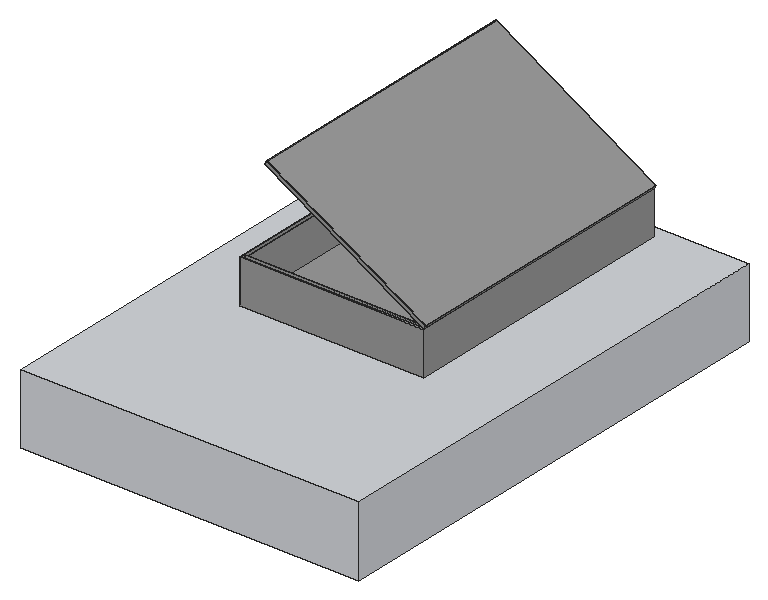
Revit family "Hager-Univers-IP44-D205-H1250-Cl.I-encl-PL-pl", category Equipement électrique, Revit 2020
Family settings
  Hôte = Face
  Configuration du panneau = Deux colonnes, circuits au sein
  Cote de connecteur circulaire = Utiliser le diamètre
  Type d'élément = Tableau de raccordement
  Couper avec des vides une fois chargée = Non
  Partagée = Non
  Point de calcul de pièce = Non
Parameters (values of type "Montaż natynkowy IP44 S800 W1250 G205  - FP83TN2")
  Width Control [instance] = if([EF000008 - Szerokość] > Min Width, [EF000008 - Szerokość], Min Width)  # 800 mm
  Commentaires du type = [HG000003 - Zakres]  # "Univers"
  Thickness Door [instance] = if([EF009171 - Drzwi/pokrywa z materiału o wysokiej wytrzymałości mechanicznej] > 3 mm, 3 mm, [EF009171 - Drzwi/pokrywa z materiału o wysokiej wytrzymałości mechanicznej])  # 1 mm
  Seal Frame Offset [instance] = 17 mm  # constant formula
  Plinth Visibility [instance] = [HG000027 - Wysokość cokołu] > 0 mm  # no
  Model = ""
  Min Width [instance] = 100 mm  # constant formula
  Min Height [instance] = 100 mm  # constant formula
  Min Depth [instance] = (2 * [EF009170 - Obudowa z materiału o wysokiej wytrzymałości mechanicznej]) + 1 mm  # 3 mm
  Internal Frame Depth [instance] = (Door System Depth * 0.5)  # 9 mm
  Height Control [instance] = if([EF000040 - Wysokość] > Min Height, [EF000040 - Wysokość], Min Height)  # 1250 mm
  HG000027 - Wysokość cokołu = 0 mm
  HG000026 - Stojąca = no
  HG000024 - Wysokość części dolnej = 800 mm
  HG000023 - Obudowa dwusekcyjna = no
  HG000016 - Widoczność drzwi w widoku 3D [instance] = yes
  HG000015 - Przestrzeń robocza - otwarcie drzwi [instance] = no
  HG000014 - Drzwi prawe [instance] = yes
  HG000013 - Drzwi lewe [instance] = not([HG000014 - Drzwi prawe])  # no
  HG000012 - Kąt otwarcia drzwi [instance] = 30.00°
  HG000010 - Drzwi asymetryczne = no
  HG000009 - Drzwi dwuskrzydłowe = no
  HG000006 - Montaż podtynkowy = no
  HG000004 - Referencja producenta = "FP83TN2"
  HG000003 - Zakres = "Univers"
  HG000002 - Z drzwiami lub pokrywą = yes
  Frame Offset Bottom [instance] = 10 mm  # constant formula
  Frame Offset [instance] = 15 mm  # constant formula
  EF015940 - Pokrywa z wyzwalaczem nadciśnieniowym = no
  EF011959 - Stopień ochrony (NEMA) = ""
  EF009554 - Liczba otworów pod flansze = 6
  Fabricant = "Hager"  # constant formula
  EF009212 - Wykonanie pokrywy = "EV000116 - Zamknięty"
  EF009171 - Drzwi/pokrywa z materiału o wysokiej wytrzymałości mechanicznej = 1 mm
  EF009170 - Obudowa z materiału o wysokiej wytrzymałości mechanicznej = 1 mm
  EF008873 - Prąd znamionowy (In) = 250 A
  EF007800 - Do ochrony odgromowej = no
  EF006306 - Z zamkiem = no
  EF006244 - Transparentna pokrywa/drzwi = no
  EF005474 - Stopień ochrony (IP) = "EV006418 - IP44"
  EF004464 - Rodzaj drzwi = "EV002646 - Pojedynczy"
  EF004427 - Liczba modułów = 288
  EF004293 - Odporność udarowa = "EV006815 - IK09"
  EF003532 - Do zastosowań zewnętrznych = no
  EF002950 - Szerokość wyrażona liczbą modułów = 36
  EF001613 - Podtrzymanie funkcji = "EV000494 - Brak"
  EF001596 - Materiał obudowy = "EV000179 - Stal"
  EF001131 - Głębokość wewnętrzna = 130 mm
  EF001088 - Możliwość rozbudowy = yes
  EF000437 - Liczba wejść kablowych = 6
  EF000339 - Rodzaj pokrywy = "EV001012 - Pokrywa"
  EF000266 - Liczba rzędów = 8
  EF000218 - Głębokość wbudowania = 205 mm
  EF000118 - Z płytą montażową = no
  EF000116 - Numer RAL = "9010"
  EF000049 - Głębokość = 205 mm
  EF000040 - Wysokość = 1250 mm
  EF000008 - Szerokość = 800 mm
  EF000007 - Kolor = "EV000202 - Biały"
  EF000003 - Sposób montażu = "EV000384 - Montaż natynkowy"
  Door System Leaf Tolerance [instance] = 1.5 mm  # constant formula
  Door System Depth [instance] = 18 mm  # constant formula
  Door Height [instance] = Height Control - [HG000027 - Wysokość cokołu]  # 1250 mm
  Depth Control [instance] = if([EF000049 - Głębokość] > Min Depth, [EF000049 - Głębokość], Min Depth)  # 205 mm
  Default Elevation = 0 mm
  Connector Offset [instance] = Height Control / 2  # 625 mm
  Bottom Top Plate Trim [instance] = 1.5 mm  # constant formula
  Plinth height Ctrl [instance] = if([HG000027 - Wysokość cokołu] > 0 mm, [HG000027 - Wysokość cokołu], 12 mm)  # 12 mm
Types (5, lengths in mm): name | Width Control | HG000010 - Drzwi asymetryczne | HG000009 - Drzwi dwuskrzydłowe | HG000004 - Referencja producenta | EF009554 - Liczba otworów pod flansze | EF004464 - Rodzaj drzwi | EF004427 - Liczba modułów | EF002950 - Szerokość wyrażona liczbą modułów | EF000437 - Liczba wejść kablowych | EF000008 - Szerokość
  Montaż natynkowy IP44 S1050 W1250 G205  - FP84TN2 | 1050 | no | yes | "FP84TN2" | 8 | "EV003602 - Podwójny" | 384 | 48 | 8 | 1050
  Montaż natynkowy IP44 S1300 W1250 G205  - FP85TN2 | 1300 | yes | yes | "FP85TN2" | 10 | "EV003602 - Podwójny" | 480 | 60 | 10 | 1300
  Montaż natynkowy IP44 S300 W1250 G205  - FP81TN2 | 300 | no | no | "FP81TN2" | 2 | "EV002646 - Pojedynczy" | 96 | 12 | 2 | 300
  Montaż natynkowy IP44 S550 W1250 G205  - FP82TN2 | 550 | no | no | "FP82TN2" | 4 | "EV002646 - Pojedynczy" | 192 | 24 | 4 | 550
  Montaż natynkowy IP44 S800 W1250 G205  - FP83TN2 | 800 | no | no | "FP83TN2" | 6 | "EV002646 - Pojedynczy" | 288 | 36 | 6 | 800
Reference planes
  plane 1 "Center (Front/Back)": y = 0
  plane 2: z = 0
  plane 3 "Center (Left/Right)": x = 0
  plane 4: z = 205
  plane 5: y = 1
  plane 6: y = 625
  plane 7: y = 0
  plane 8: y = 1250
  plane 9: z = 0
  plane 10: x = -385
  plane 11: x = 385
  plane 12: x = 384
  plane 13: x = -384
  plane 14: y = 1249
  plane 15: x = -383
  plane 16: x = -400
  plane 17: x = 383
  plane 18: x = 400
  plane 19: x = 399
  plane 20: x = -399
  plane 21: y = 11
  plane 22: y = 1250
  plane 23: y = 1234
  plane 24: z = 187
  plane 25: z = 1
  plane 26: z = 186
  plane 27: z = 204
Forms (mm)
  Extrusion 1, solid
    sketch origin (0, 0, 0) x (1, 0, 0) y (0, 1, 0)
      loop
        line (-702.964, 1305) -> (-702.964, -811.445) -> (766.763, -811.445) -> (766.763, 1305) -> (-702.964, 1305)
    from 0 to -304.8
  Extrusion 2, solid, material "Hager_Steel_RAL7035_Light_Grey", visible <- "Plinth Visibility", detail levels medium+fine
    sketch origin (0, 0, 0) x (1, 0, 0) y (0, 1, 0)
      loop
        line (-400, 0) -> (400, 0) -> (400, 12) -> (-400, 12) -> (-400, 0)
    from 0 to 187
  Extrusion 3, solid, material "Hager_Steel_RAL7035_Light_Grey", detail levels medium+fine
    sketch origin (0, 0, 0) x (1, 0, 0) y (0, 1, 0)
      loop
        line (-400, 0) -> (400, 0) -> (400, 1250) -> (-400, 1250) -> (-400, 0)
    from 0 to 187
  Extrusion 4, void
    sketch origin (0, 0, 0) x (1, 0, 0) y (0, 1, 0)
      loop
        line (-399, 1) -> (399, 1) -> (399, 1249) -> (-399, 1249) -> (-399, 1)
    from 1 to 186
  Extrusion 5, void
    sketch origin (-381.607, -4572, 187) x (0, -1, 0) y (-1, 0, 0)
      loop
        line (-4583, 2.393) -> (-5806, 2.393) -> (-5806, -765.607) -> (-4583, -765.607) -> (-4583, 2.393)
    from 0 to 1 <- "EF009170 - Obudowa z materiału o wysokiej wytrzymałości mechanicznej"
  Extrusion 6, solid, material "Hager_Steel_RAL7035_Light_Grey", detail levels fine
    sketch origin (0, 0, 187) x (1, 0, 0) y (0, 1, 0)
      loop
        line (-384, 1234) -> (-384, 11) -> (384, 11) -> (384, 1234) -> (-384, 1234)
      loop
        line (-385, 10) -> (385, 10) -> (385, 1235) -> (-385, 1235) -> (-385, 10)
    from 0 to 9 <- "Internal Frame Depth"
  Extrusion 7, solid, material "Hager_Steel_RAL7035_Light_Grey", detail levels coarse
    sketch origin (0, 0, 0) x (1, 0, 0) y (0, 1, 0)
      loop
        line (-400, 0) -> (400, 0) -> (400, 1250) -> (-400, 1250) -> (-400, 0)
    from 0 to 205
  Sweep 8, void
    path in 3D
      loop
        line (-400, 12, 0) -> (400, 12, 0) -> (400, 12, 187) -> (-400, 12, 187) -> (-400, 12, 0)
    profile origin (-400, 12, 93.5) x (-1, 0, 0) y (0, -1, 0)
      loop
        line (0, 0) -> (0, 1.5) -> (-1.5, 1.5)
        arc (-1.5, 1.5) -> (-1.061, 0.439) -> (0, 0) r 1.5
Cuts and joins
  Extrusion 4, Extrusion 5 cuts Extrusion 3
  Sweep 8 cuts Extrusion 2
Lines and regions (mm)
  Masking region 1
    outline origin (0, 0, 0) x (1, 0, 0) y (0, 0, 1)
      loop
        line (-400, 205) -> (-400, 0) -> (400, 0) -> (400, 205) -> (-400, 205)
  Masking region 2, detail levels medium+fine
    outline origin (0, 140, 0) x (0, 1, 0) y (0, 0, 1)
      loop
        line (-140, 0) -> (1110, 0) -> (1110, 187) -> (-140, 187) -> (-140, 0)
  Masking region 3, not visible, detail levels medium+fine
    outline origin (0, 297.922, 0) x (0, 1, 0) y (0, 0, 1)
      loop
        line (338.578, 0) -> (378.578, 0) -> (378.578, 194)
        arc (378.578, 194) -> (375.649, 201.071) -> (368.578, 204) r 10
        line (368.578, 204) -> (338.578, 204) -> (338.578, 0)
  Masking region 4, detail levels coarse
    outline origin (0, 0, 180) x (0, 1, 0) y (0, 0, 1)
      loop
        line (0, -180) -> (1250, -180) -> (1250, 25) -> (0, 25) -> (0, -180)
  Masking region 5, visible <- "Plinth Visibility", detail levels medium+fine
    outline origin (0, 52.24, 12.345) x (0, 0, -1) y (0, 1, 0)
      loop
        line (10.845, -40.24) -> (-173.155, -40.24)
        arc (-173.155, -40.24) -> (-173.594, -41.301) -> (-174.655, -41.74) r 1.5
        line (-174.655, -41.74) -> (-174.655, -52.24) -> (12.345, -52.24) -> (12.345, -41.74)
        arc (12.345, -41.74) -> (11.285, -41.301) -> (10.845, -40.24) r 1.5
  Masking region 6, detail levels medium+fine
    outline origin (-381.607, -4572, 187) x (-1, 0, 0) y (0, -1, 0)
      loop
        line (18.393, -5822) -> (18.393, -4572) -> (-781.607, -4572) -> (-781.607, -5822) -> (18.393, -5822)
  Masking region 7, visible <- "Plinth Visibility", detail levels medium+fine
    outline origin (-381.607, -4727, 187) x (-1, 0, 0) y (0, -1, 0)
      loop
        arc (16.893, -4739) -> (17.332, -4737.939) -> (18.393, -4737.5) r 1.5
        line (18.393, -4737.5) -> (18.393, -4727) -> (-781.607, -4727) -> (-781.607, -4737.5)
        arc (-781.607, -4737.5) -> (-780.546, -4737.939) -> (-780.107, -4739) r 1.5
        line (-780.107, -4739) -> (16.893, -4739)
  Masking region 8, detail levels coarse
    outline origin (-442.548, -4669.526, 187) x (-1, 0, 0) y (0, -1, 0)
      loop
        line (-42.548, -5919.526) -> (-42.548, -4669.526) -> (-842.548, -4669.526) -> (-842.548, -5919.526) -> (-42.548, -5919.526)
  sketch lines
    curve 1: line (-400, 12, 187) -> (-400, 12, 0)
    curve 2: line (400, 12, 187) -> (-400, 12, 187)
    curve 3: line (400, 12, 187) -> (400, 12, 0)
    curve 4: line (-400, 12, 0) -> (400, 12, 0)
Dimensions and locks
  "Depth Control": plane 4 to Extrusion 1
  "HG000027 - Wysokość cokołu": plane 1 "Center (Front/Back)" to plane 7
  "EF009170 - Obudowa z materiału o wysokiej wytrzymałości mechanicznej": plane 5 to plane 7
  locked: connector elem to plane 3 "Center (Left/Right)"
  equal spacing: plane 8, plane 6, plane 7
  locked: connector elem to plane 6
  "EF009170 - Obudowa z materiału o wysokiej wytrzymałości mechanicznej": plane 8 to plane 14
  "EF009170 - Obudowa z materiału o wysokiej wytrzymałości mechanicznej": plane 10 to plane 13
  "EF009170 - Obudowa z materiału o wysokiej wytrzymałości mechanicznej": plane 12 to plane 11
  "Frame Offset": plane 20 to plane 13
  "Frame Offset": plane 12 to plane 19
  "EF009170 - Obudowa z materiału o wysokiej wytrzymałości mechanicznej": plane 16 to plane 20
  "EF009170 - Obudowa z materiału o wysokiej wytrzymałości mechanicznej": plane 19 to plane 18
  "Seal Frame Offset": plane 16 to plane 15
  "Seal Frame Offset": plane 17 to plane 18
  "Frame Offset Bottom": plane 21 to plane 5
  "Frame Offset": plane 14 to plane 23
  equal spacing: plane 16, plane 3 "Center (Left/Right)", plane 18
  "Width Control": plane 16 to plane 18
  "EF009170 - Obudowa z materiału o wysokiej wytrzymałości mechanicznej": plane 4 to plane 27
  "EF009170 - Obudowa z materiału o wysokiej wytrzymałości mechanicznej": plane 24 to plane 26
  "EF009170 - Obudowa z materiału o wysokiej wytrzymałości mechanicznej": plane 25 to level
  "Door System Depth": plane 4 to plane 24
  "Height Control": plane 1 "Center (Front/Back)" to Extrusion 7 sketch curve
  "Height Control": Masking region 4 sketch curve to plane 1 "Center (Front/Back)"
  "Height Control": plane 1 "Center (Front/Back)" to plane 22
  "Bottom Top Plate Trim": profile plane to Sweep 8 sketch curve
  "Bottom Top Plate Trim": Sweep 8 sketch curve to profile plane
  "Plinth height Ctrl": plane 1 "Center (Front/Back)" to Extrusion 2 sketch curve
  "Plinth height Ctrl": Masking region 5 sketch curve to plane 1 "Center (Front/Back)"
  "Plinth height Ctrl": plane 1 "Center (Front/Back)" to Masking region 7 sketch curve
  "Thickness Door": Extrusion 6 sketch curve to Extrusion 6 sketch curve  (x3)
  "Thickness Door": cut or joined group of Extrusion 3, Extrusion 4, Extrusion 5 to Extrusion 6 sketch curve
  radius of Masking region 3 sketch curve = 10 mm
  "Bottom Top Plate Trim": radius of Masking region 5 sketch curve  (x2)
  "Bottom Top Plate Trim": radius of Sweep 8 sketch curve
  "Bottom Top Plate Trim": radius of Masking region 7 sketch curve  (x2)
  aligned and locked: plane 2 to Extrusion 1
  aligned and locked: level to Extrusion 1
  aligned and locked: level to Masking region 1 sketch curve
  aligned and locked: Masking region 1 sketch curve to plane 18
  aligned and locked: Masking region 1 sketch curve to plane 16
  aligned and locked: plane 7 to Masking region 2 sketch curve
  aligned and locked: level to Masking region 3 sketch curve
  aligned and locked: Masking region 3 sketch curve to plane 27
  aligned and locked: level to Masking region 2 sketch curve
  aligned and locked: plane 1 "Center (Front/Back)" to Extrusion 2 sketch curve
  aligned and locked: Extrusion 3 sketch curve to plane 7
  aligned and locked: plane 16 to Extrusion 3 sketch curve
  aligned and locked: plane 18 to Extrusion 3 sketch curve
  aligned and locked: plane 20 to Extrusion 4 sketch curve
  aligned and locked: plane 19 to Extrusion 4 sketch curve
  aligned and locked: Extrusion 4 sketch curve to plane 5
  aligned and locked: Extrusion 4 to plane 25
  aligned and locked: plane 26 to Extrusion 4
  aligned and locked: plane 24 to Extrusion 3
  aligned and locked: Extrusion 5 sketch curve to plane 21
  aligned and locked: Extrusion 5 sketch curve to plane 13
  aligned and locked: Extrusion 5 sketch curve to plane 12
  aligned and locked: plane 18 to Extrusion 7 sketch curve
  aligned and locked: plane 1 "Center (Front/Back)" to Extrusion 7 sketch curve
  aligned and locked: plane 16 to Extrusion 7 sketch curve
  aligned and locked: plane 4 to Extrusion 7
  aligned and locked: Extrusion 7 to level
  aligned and locked: level to Masking region 4 sketch curve
  aligned and locked: Masking region 4 sketch curve to plane 1 "Center (Front/Back)"
  aligned and locked: Masking region 4 sketch curve to plane 4
  aligned and locked: nested 1 to level
  aligned and locked: nested 1 to plane 16
  aligned and locked: plane 8 to Extrusion 3 sketch curve
  aligned and locked: plane 23 to Extrusion 5 sketch curve
  aligned and locked: plane 14 to Extrusion 4 sketch curve
  aligned and locked: Masking region 2 sketch curve to plane 8
  aligned and locked: level to Masking region 5 sketch curve
  aligned and locked: plane 16 to Extrusion 2 sketch curve
  aligned and locked: plane 18 to Extrusion 2 sketch curve
  aligned and locked: Masking region 5 sketch curve to plane 24
  aligned and locked: Masking region 2 sketch curve to plane 24
  aligned and locked: plane 24 to Extrusion 2
  aligned and locked: profile plane to Sweep 8 sketch curve  (x2)
  aligned and locked: Masking region 6 sketch curve to plane 18
  aligned and locked: Masking region 6 sketch curve to plane 22
  aligned and locked: Masking region 6 sketch curve to plane 16
  aligned and locked: plane 8 to plane 22
  aligned and locked: Masking region 6 sketch curve to plane 7
  aligned and locked: Masking region 7 sketch curve to plane 16
  aligned and locked: Masking region 7 sketch curve to plane 1 "Center (Front/Back)"
  aligned and locked: Masking region 7 sketch curve to plane 18
  aligned and locked: Masking region 8 sketch curve to plane 1 "Center (Front/Back)"
  aligned and locked: Masking region 8 sketch curve to plane 18
  aligned and locked: Masking region 8 sketch curve to plane 22
  aligned and locked: Masking region 8 sketch curve to plane 16
  aligned and locked: nested 2 to plane 7
  aligned and locked: plane 3 "Center (Left/Right)" to nested 2
  aligned and locked: nested 2 to plane 24
  aligned and locked: Extrusion 6 sketch curve to cut or joined group of Extrusion 3, Extrusion 4, Extrusion 5  (x4)
Automatic sketch dimensions
  Extrusion 1 sketch curve to Extrusion 1 sketch curve = 1469.727 mm
  Extrusion 1 sketch curve to Extrusion 1 sketch curve = 2116.445 mm
  Masking region 1 sketch curve to plane 4 = 0 mm
  plane 6 to Masking region 3 sketch curve = 11.5 mm
  Masking region 3 sketch curve to Masking region 3 sketch curve = 30 mm
  Masking region 5 sketch curve to plane 1 "Center (Front/Back)" = 0 mm
Nested families
  nested 1: "Hager_Enclosure_Symbol" at (-400, 0, 0) x (1, 0, 0) z (0, -1, 0), Height <- "Depth Control", Width <- "Width Control", type "Hager_Enclosure_Symbol"
    with Width_Ctrl 800 mm, Width 800 mm, Height_Ctrl 205 mm, Height 205 mm, A_Width_Int 13.453 mm, A_Width 161.438 mm, A_Height_Ctrl 179.375 mm, A_Height 179.375 mm
  nested 2: "EC000058_Univers_Door" at (0, 0, 187) x (1, 0, 0) z (0, 1, 0), Leaf_Tolerance <- "Door System Leaf Tolerance", Angle <- "HG000012 - Kąt otwarcia drzwi", Door_Depth <- "Door System Depth", Door_Left <- "HG000013 - Drzwi lewe", Transparent <- "EF006244 - Transparentna pokrywa/drzwi", Assymetrical <- "HG000010 - Drzwi asymetryczne", Width <- "Width Control", Clearance <- "HG000015 - Przestrzeń robocza - otwarcie drzwi", Double <- "HG000009 - Drzwi dwuskrzydłowe", 3d_Door <- "HG000016 - Widoczność drzwi w widoku 3D", Lock_Visibility <- "EF006306 - Z zamkiem", Width_Ctrl <- "Width Control", Door_Right <- "HG000014 - Drzwi prawe", Door <- "HG000002 - Z drzwiami lub pokrywą", Height <- "Door Height", Thickness <- "Thickness Door", type "EC000058_Univers_Door", detail levels medium+fine
    with min_wh 3 mm, Width_Ctrl 800 mm, Width 800 mm, Transparent no, Thickness 1 mm, Seal_Material Hager_Rubber, Lock_Visibility no, Lock_Material Hager_Plastic_RAL9005_Jet_Black, Leaf_Width 800 mm, Leaf_Tolerance_External_Sides 0 mm, Leaf_Tolerance 1.5 mm, Leaf_Offset 0 mm, Leaf_Height 1247 mm, Leaf_2_Width 800 mm, Leaf_2_Offset 400 mm, Leaf_1_Width 800 mm, Leaf_1_Offset 400 mm, Height_Ctrl 1250 mm, Height 1250 mm, Glass_Material Hager_Glass, Double_Clearance_Ctrl no, Double no, Door_Right_Ctrl yes, Door_Right yes, Door_Material Hager_Steel_RAL7035_Light_Grey, Door_Left_Ctrl no, Door_Left no, Door_Depth 18 mm, Door yes, Clearance_Material Hager_Clearance, Clearance_Depth 800 mm, Clearance_Ctrl no, Clearance no, Assymetrical no, Angle 30.00°, 3d_Door yes
Connectors
  electrical at (0, 625, 0)
    settings: on plane 9, index 1, voltage 0 V, apparent load 0 VA, apparent load phase1 0 VA, apparent load phase2 0 VA, apparent load phase3 0 VA, power factor 1, load classification "Other", number of poles 1, system type 30, power factor state 1, is connector primary yes, connector utility no, sub classification motor no, connector description ""
Definition of nested family "EC000058_Univers_Door"
  Parameters (values of type "EC000058_Univers_Door")
    min_wh [instance] = (2 * Thickness) + 1 mm  # 11 mm
    Width_Ctrl [instance] = 400 mm
    Width [instance] = 500 mm
    Transparent [instance] = yes
    Thickness [instance] = 5 mm
    Seal_Material [instance] = none
    Lock_Visibility [instance] = yes
    Lock_Material [instance] = none
    Leaf_Width [instance] = if((Width_Ctrl - 2 * Leaf_Tolerance_External_Sides) > 0 mm, (Width_Ctrl - 2 * Leaf_Tolerance_External_Sides), min_wh)  # 400 mm
    Leaf_Tolerance_External_Sides [instance] = 0 mm  # constant formula
    Leaf_Tolerance [instance] = 1.5 mm
    Leaf_Offset [instance] = 0 mm  # constant formula
    Leaf_Height [instance] = if((Height_Ctrl - 2 * Leaf_Tolerance) > 0 mm, (Height_Ctrl - 2 * Leaf_Tolerance), min_wh)  # 497 mm
    Leaf_2_Width [instance] = if(and(and(Double, Assymetrical), Door_Left), (Leaf_Width / 3) - (Leaf_Tolerance / 2), if(and(and(Double, Assymetrical), Door_Right), (Leaf_Width / 3) * 2 - (Leaf_Tolerance / 2), if(and(Double, not(Assymetrical)), (Leaf_Width / 2) - Leaf_Tolerance, Leaf_Width)))  # 400 mm
    Leaf_2_Offset [instance] = if(and(Double, Assymetrical), Leaf_2_Width / 2, if(and(Double, not(Assymetrical)), Leaf_Width / 4, Leaf_Width / 2))  # 200 mm
    Leaf_1_Width [instance] = if(and(and(Double, Assymetrical), Door_Right), (Leaf_Width / 3) - (Leaf_Tolerance / 2), if(and(and(Double, Assymetrical), Door_Left), (Width / 3) * 2 - (Leaf_Tolerance / 2), if(and(Double, not(Assymetrical)), (Leaf_Width / 2) - Leaf_Tolerance, Leaf_Width)))  # 400 mm
    Leaf_1_Offset [instance] = if(and(Double, Assymetrical), Leaf_1_Width / 2, if(and(Double, not(Assymetrical)), Leaf_Width / 4, Leaf_Width / 2))  # 200 mm
    Height_Ctrl [instance] = if(Height > min_wh, Height, min_wh)  # 500 mm
    Height [instance] = 500 mm
    Glass_Material [instance] = none
    Double_Clearance_Ctrl [instance] = and(Double, Clearance)  # no
    Double [instance] = no
    Door_Right_Ctrl [instance] = and(or(Door_Right, Double), Door)  # yes
    Door_Right [instance] = yes
    Door_Material [instance] = none
    Door_Left_Ctrl [instance] = and(or(Door_Left, Double), Door)  # no
    Door_Left [instance] = no
    Door_Depth [instance] = 30 mm
    Door [instance] = yes
    Default Elevation = 1219.2 mm
    Clearance_Material [instance] = none
    Clearance_Depth [instance] = if(Leaf_1_Width > Leaf_2_Width, Leaf_1_Width, Leaf_2_Width)  # 400 mm
    Clearance_Ctrl [instance] = and(not(Double), Clearance)  # yes
    Clearance [instance] = yes
    Assymetrical [instance] = yes
    Angle [instance] = 30.00°
    3d_Door [instance] = yes
  Reference planes
    plane 1 "Center (Front/Back)": y = 0
    plane 2 "Bottom": z = 0
    plane 3 "Center (Left/Right)": x = 0
    plane 4: z = 500
    plane 5: x = -200
    plane 6: x = 200
    plane 7: z = 500
    plane 8: x = -200
    plane 9: z = 0
    plane 10: x = 200
    plane 11: y = 0
    plane 12: z = 1.5
    plane 13: x = -600
    plane 14: y = -400
    plane 15: x = 600
    plane 16: x = 0
    plane 17: x = 0
    plane 18: x = -200
    plane 19: x = 200
    plane 20: z = 498.5
  Forms (mm)
    Extrusion 1, solid, material <- "Clearance_Material", visible <- "Double_Clearance_Ctrl"
      sketch origin (1200, 0, 0) x (1, 0, 0) y (0, 0, -1)
        loop
          line (-1800, -498.5) -> (-600, -498.5) -> (-600, 0) -> (-1800, 0) -> (-1800, -498.5)
      from 0 to -400
  Dimensions and locks
    equal spacing: plane 5, plane 3 "Center (Left/Right)", plane 6
    "Width_Ctrl": plane 5 to plane 6
    "Leaf_Offset": plane 5 to plane 8
    "Leaf_Offset": plane 6 to plane 10
    "Leaf_Offset": plane 9 to level
    "Leaf_Offset": plane 4 to plane 7
    "Height_Ctrl": plane 4 to level
    "Leaf_Tolerance": plane 12 to plane 9
    locked: plane 11 to plane 1 "Center (Front/Back)"
    "Leaf_1_Offset": plane 18 to plane 16
    "Leaf_2_Offset": plane 17 to plane 19
    "Leaf_1_Width": plane 13 to plane 8
    "Leaf_2_Width": plane 10 to plane 15
    "Clearance_Depth": plane 14 to plane 1 "Center (Front/Back)"
    "Leaf_Tolerance_External_Sides": plane 8 to plane 18
    "Leaf_Tolerance_External_Sides": plane 19 to plane 10
    "Leaf_Tolerance": plane 7 to plane 20
    aligned and locked: level to plane 2 "Bottom"
    aligned and locked: nested 1 to plane 16
    aligned and locked: nested 2 to plane 17
    aligned and locked: Extrusion 1 to plane 13
    aligned and locked: plane 15 to Extrusion 1
    aligned and locked: Extrusion 1 to plane 14
    aligned and locked: plane 12 to nested 1
    aligned and locked: nested 2 to plane 12
    aligned and locked: Extrusion 1 to plane 11
    aligned and locked: plane 20 to Extrusion 1
    aligned and locked: nested 2 to plane 11
    aligned and locked: nested 1 to plane 11
  Automatic sketch dimensions
    Extrusion 1 sketch curve to level = 0 mm
    plane 5 to Extrusion 1 sketch curve = 400 mm
    plane 6 to Extrusion 1 sketch curve = 400 mm
    Extrusion 1 sketch curve to plane 4 = 1.5 mm
  Nested families
    nested 1: "EC000058_Univers_Door_Leaf" at (0, 0, 1.5), Width <- "Leaf_1_Width", visible <- "Door_Left_Ctrl", Leaf_Height <- "Leaf_Height", Angle <- "Angle", 3d_Door <- "3d_Door", Transparent <- "Transparent", Clearance Material <- "Clearance_Material", Clearance <- "Clearance_Ctrl", Door_Material <- "Door_Material", Glass_Material <- "Glass_Material", Door_Depth <- "Door_Depth", Lock_Material <- "Lock_Material", Seal_Material <- "Seal_Material", Lock_Visibility <- "Lock_Visibility", Thickness <- "Thickness", type "EC000058_Univers_Door_Leaf"
      with Width 400 mm, Transparent_Glass_Offset 30 mm, Transparent_Ctrl yes, Transparent yes, Thickness 5 mm, Standard no, Seal_Material none, Seal_D2 8 mm, Seal_D1 1 mm, Offset_Internal_Frame 10 mm, Lock_Width 20 mm, Lock_Visibility_3d yes, Lock_Visibility yes, Lock_Thickness_3 3 mm, Lock_Thickness_2 1 mm, Lock_Thickness_1 3 mm, Lock_Radius_Offset_2 16 mm, Lock_Radius_Offset_1 15 mm, Lock_Radius_2 5 mm, Lock_Radius 6 mm, Lock_Offset 5 mm, Lock_Material none, Lock_Height 80 mm, Lock_Cover_Top_Offset_2d 17 mm, Lock_Cover_Height -65 mm, Leaf_Height 497 mm, Internal_Seal_Thickness 8 mm, Internal_Seal_Depth_2 4.5 mm, Internal_Frame_Depth 25 mm, Glass_Thickness -1 mm, Glass_Offset -2 mm, Glass_Material none, Door_Material none, Door_Depth 30 mm, Clearance Material none, Clearance yes, Angle_Ctrl 30.00°, Angle 30.00°, 3d_Door yes
    nested 2: "EC000058_Univers_Door_Leaf" at (0, 0, 1.5) x (-1, 0, 0) z (0, 0, 1), Width <- "Leaf_2_Width", visible <- "Door_Right_Ctrl", Leaf_Height <- "Leaf_Height", Angle <- "Angle", 3d_Door <- "3d_Door", Transparent <- "Transparent", Clearance Material <- "Clearance_Material", Clearance <- "Clearance_Ctrl", Door_Material <- "Door_Material", Glass_Material <- "Glass_Material", Door_Depth <- "Door_Depth", Lock_Material <- "Lock_Material", Seal_Material <- "Seal_Material", Lock_Visibility <- "Lock_Visibility", Thickness <- "Thickness", type "EC000058_Univers_Door_Leaf"
      with Width 400 mm, Transparent_Glass_Offset 30 mm, Transparent_Ctrl yes, Transparent yes, Thickness 5 mm, Standard no, Seal_Material none, Seal_D2 8 mm, Seal_D1 1 mm, Offset_Internal_Frame 10 mm, Lock_Width 20 mm, Lock_Visibility_3d yes, Lock_Visibility yes, Lock_Thickness_3 3 mm, Lock_Thickness_2 1 mm, Lock_Thickness_1 3 mm, Lock_Radius_Offset_2 16 mm, Lock_Radius_Offset_1 15 mm, Lock_Radius_2 5 mm, Lock_Radius 6 mm, Lock_Offset 5 mm, Lock_Material none, Lock_Height 80 mm, Lock_Cover_Top_Offset_2d 17 mm, Lock_Cover_Height -65 mm, Leaf_Height 497 mm, Internal_Seal_Thickness 8 mm, Internal_Seal_Depth_2 4.5 mm, Internal_Frame_Depth 25 mm, Glass_Thickness -1 mm, Glass_Offset -2 mm, Glass_Material none, Door_Material none, Door_Depth 30 mm, Clearance Material none, Clearance yes, Angle_Ctrl 30.00°, Angle 30.00°, 3d_Door yes
  Definition of nested family "EC000058_Univers_Door_Leaf"
    Parameters (values of type "EC000058_Univers_Door_Leaf")
      Width [instance] = 2000 mm
      Transparent_Glass_Offset [instance] = 30 mm
      Transparent_Ctrl [instance] = and(Transparent, [3d_Door])  # yes
      Transparent [instance] = yes
      Thickness [instance] = 5 mm
      Standard [instance] = and(not(Transparent), [3d_Door])  # no
      Seal_Material [instance] = none
      Seal_D2 [instance] = 8 mm  # constant formula
      Seal_D1 [instance] = 1 mm  # constant formula
      Offset_Internal_Frame [instance] = 10 mm  # constant formula
      Lock_Width [instance] = 20 mm  # constant formula
      Lock_Visibility_3d [instance] = and(Lock_Visibility, [3d_Door])  # yes
      Lock_Visibility [instance] = yes
      Lock_Thickness_3 [instance] = 3 mm  # constant formula
      Lock_Thickness_2 [instance] = 1 mm  # constant formula
      Lock_Thickness_1 [instance] = 3 mm  # constant formula
      Lock_Radius_Offset_2 [instance] = Lock_Radius_Offset_1 + 1 mm  # 16 mm
      Lock_Radius_Offset_1 [instance] = 15 mm  # constant formula
      Lock_Radius_2 [instance] = Lock_Radius - 1 mm  # 5 mm
      Lock_Radius [instance] = 6 mm  # constant formula
      Lock_Offset [instance] = 5 mm  # constant formula
      Lock_Material [instance] = none
      Lock_Height [instance] = 80 mm  # constant formula
      Lock_Cover_Top_Offset_2d [instance] = Lock_Radius_Offset_2 + 1 mm  # 17 mm
      Lock_Cover_Height [instance] = -(Lock_Height - Lock_Radius_Offset_1)  # -65 mm
      Leaf_Height [instance] = 2720.336 mm
      Internal_Seal_Thickness [instance] = 8 mm  # constant formula
      Internal_Seal_Depth_2 [instance] = 4.5 mm  # constant formula
      Internal_Frame_Depth [instance] = if(Door_Depth - Thickness > 5 mm, Door_Depth - Thickness, 5 mm)  # 25 mm
      Glass_Thickness [instance] = if(Thickness > 15 mm, Glass_Offset + 10 mm, -1 mm)  # -1 mm
      Glass_Offset [instance] = if(Thickness > 15 mm, -(Thickness + 10 mm) / 2, -2 mm)  # -2 mm
      Glass_Material [instance] = none
      Door_Material [instance] = none
      Door_Depth [instance] = 30 mm
      Default Elevation = 0 mm
      Clearance Material [instance] = none
      Clearance [instance] = yes
      Angle_Ctrl [instance] = if(Angle > 180.00°, 180.00°, Angle)  # 90.00°
      Angle [instance] = 90.00°
      3d_Door [instance] = yes
    Reference planes
      plane 1 "Center (Front/Back)": y = 0
      plane 2: z = 0
      plane 3 "Center (Left/Right)": x = 0
      plane 4: y = 2000
      plane 5: x = -1000
      plane 6: x = 1000
      plane 7: x = -3000
      plane 8: z = 2720.336
      plane 9: z = 30
      plane 10: z = 2690.336
      plane 11: x = 970
      plane 12: x = -970
      plane 13: y = -3
      plane 14: z = 107.833
      plane 15: y = -5
      plane 16: y = -223.314
      plane 17: x = -1000
      plane 18: z = 1360.168
      plane 19: y = 30
    Forms (mm)
      Extrusion 1, solid, material <- "Clearance Material", visible <- "Clearance"
        sketch origin (0, 0, 0) x (1, 0, 0) y (0, 0, 1)
          loop
            line (-3000, 2720.336) -> (-3000, 0) -> (1000, 0) -> (1000, 2720.336) -> (-3000, 2720.336)
        from 0 to -2000
      Extrusion 2, solid, material <- "Door_Material", visible <- "Standard", detail levels medium+fine
        sketch origin (-1000, 0, 0) x (0, 1, 0) y (-1, 0, 0)
          loop
            line (0, 30) -> (0, 25) -> (2000, 25) -> (2000, 30) -> (0, 30)
        from 0 to 2720.336 <- "Leaf_Height"
      Extrusion 3, solid, material <- "Door_Material", visible <- "Transparent_Ctrl", detail levels medium+fine
        sketch origin (-1000, 0, 0) x (0, 1, 0) y (-1, 0, 0)
          loop
            line (0, 25) -> (2000, 25) -> (2000, 30) -> (0, 30) -> (0, 25)
        from 0 to 2720.336 <- "Leaf_Height"
      Extrusion 4, void
        sketch origin (-1025, 2000, 0) x (0, 1, 0) y (0, 0, -1)
          loop
            line (-30, -2690.336) -> (-30, -30) -> (-1970, -30) -> (-1970, -2690.336) -> (-30, -2690.336)
        from 0 to 5 <- "Thickness"
      Sweep 5, solid, material <- "Seal_Material", visible <- "Transparent_Ctrl", detail levels fine
        path in 3D
          loop
            line (-1025, 30, 30) -> (-1025, 30, 2690.336) -> (-1025, 1970, 2690.336) -> (-1025, 1970, 30) -> (-1025, 30, 30)
        profile origin (-1025, 1000, 30) x (1, 0, 0) y (0, 0, 1)
          loop
            line (0, 0) -> (0, -8) -> (1, -8) -> (1, 0) -> (0, 0)
      Extrusion 6, solid, material <- "Glass_Material", visible <- "Transparent_Ctrl", detail levels medium+fine
        sketch origin (-1030, 0, 0) x (0, 1, 0) y (0, 0, -1)
          loop
            line (1970, -2690.336) -> (1970, -30) -> (30, -30) -> (30, -2690.336) -> (1970, -2690.336)
        from -2 <- "Glass_Offset" to -1 <- "Glass_Thickness"
      Extrusion 7, solid, material <- "Door_Material", visible <- "3d_Door", detail levels medium+fine
        sketch origin (-1025, 2000, 0) x (0, -1, 0) y (0, 0, -1)
          loop
            line (0, -2720.336) -> (2000, -2720.336) -> (2000, 0) -> (0, 0) -> (0, -2720.336)
          loop
            line (1995, -5) -> (5, -5) -> (5, -2715.336) -> (1995, -2715.336) -> (1995, -5)
        from 0 to 25 <- "Internal_Frame_Depth"
      Sweep 8, solid, material <- "Seal_Material", visible <- "Transparent_Ctrl", detail levels fine
        path in 3D
          loop
            line (-1025, 0, 0) -> (-1025, 2000, 0) -> (-1025, 2000, 2720.336) -> (-1025, 0, 2720.336) -> (-1025, 0, 0)
        profile origin (-1025, 0, 1360.168) x (1, 0, 0) y (0, 1, 0)
          loop
            line (0, 10) -> (2.975, 10)
            arc (2.975, 10) -> (4.053, 10.447) -> (4.5, 11.525) r 1.525
            line (4.5, 11.525) -> (4.5, 16.527)
            arc (4.5, 16.527) -> (4.069, 17.569) -> (3.027, 18) r 1.473
            line (3.027, 18) -> (0, 18) -> (0, 10)
      Extrusion 9, solid, material <- "Lock_Material", visible <- "Lock_Visibility_3d", detail levels fine
        sketch origin (-1030, 0, 0) x (0, 1, 0) y (0, 0, -1)
          loop
            arc (1993.5, -1400.168) -> (1994.561, -1399.729) -> (1995, -1398.668) r 1.5
            line (1995, -1398.668) -> (1995, -1320.168) -> (1975, -1320.168) -> (1975, -1398.668)
            arc (1975, -1398.668) -> (1975.439, -1399.729) -> (1976.5, -1400.168) r 1.5
            line (1976.5, -1400.168) -> (1993.5, -1400.168)
        from 3 <- "Lock_Thickness_1" to 0
      Blend 10, solid, material <- "Lock_Material", visible <- "Lock_Visibility_3d", detail levels fine
        base sketch origin (-1033, 0, 0) x (0, 1, 0) y (0, 0, -1)
          loop
            line (1975, -1320.168) -> (1975, -1398.668)
            arc (1975, -1398.668) -> (1975.439, -1399.729) -> (1976.5, -1400.168) r 1.5
            line (1976.5, -1400.168) -> (1993.5, -1400.168)
            arc (1993.5, -1400.168) -> (1994.561, -1399.729) -> (1995, -1398.668) r 1.5
            line (1995, -1398.668) -> (1995, -1320.168) -> (1975, -1320.168)
        top sketch origin (-1033, 0, 0) x (0, 1, 0) y (0, 0, -1)
          loop
            line (1976, -1320.168) -> (1976, -1398.668)
            arc (1976, -1398.668) -> (1976.146, -1399.022) -> (1976.5, -1399.168) r 0.5
            line (1976.5, -1399.168) -> (1993.5, -1399.168)
            arc (1993.5, -1399.168) -> (1993.854, -1399.022) -> (1994, -1398.668) r 0.5
            line (1994, -1398.668) -> (1994, -1320.168) -> (1976, -1320.168)
        from 0 to 1 <- "Lock_Thickness_2"
      Blend 11, solid, material <- "Lock_Material", visible <- "Lock_Visibility_3d", detail levels fine
        base sketch origin (-1034, 0, 0) x (0, 1, 0) y (0, 0, -1)
          loop
            line (1978, -1320.168) -> (1978, -1384.168)
            arc (1978, -1384.168) -> (1985, -1391.168) -> (1992, -1384.168) r 7
            line (1992, -1384.168) -> (1992, -1320.168) -> (1978, -1320.168)
        top sketch origin (-1034, 0, 0) x (0, 1, 0) y (0, 0, -1)
          loop
            line (1991, -1320.168) -> (1979, -1320.168) -> (1979, -1383.168)
            arc (1979, -1383.168) -> (1985, -1389.168) -> (1991, -1383.168) r 6
            line (1991, -1383.168) -> (1991, -1320.168)
        from 0 to 3 <- "Lock_Thickness_3"
      Extrusion 12, solid, material <- "Lock_Material", visible <- "Lock_Visibility_3d", detail levels fine
        sketch origin (-1030, 1975, 1320.168) x (1, 0, 0) y (0, -1, 0)
          loop
            line (-7, -19) -> (-7, -1) -> (0, -1) -> (0, 0) -> (-8, 0) -> (-8, -20) -> (0, -20) -> (0, -19) -> (-7, -19)
        from 0 to -65 <- "Lock_Cover_Height"
      Extrusion 13, void
        sketch origin (-1038, 1995, 1320.168) x (-1, 0, 0) y (0, 0, -1)
          loop
            line (-5, -65) -> (0, -65) -> (-5, -60) -> (-5, -65)
        from 0 to 20 <- "Lock_Width"
      Extrusion 14, void
        sketch origin (-1038, 1975, 1320.168) x (0, -1, 0) y (0, 0, -1)
          loop
            circle (-10, -15.995) r 6
          loop
            circle (-10, -15.995) r 5
        from 0 to 2
      Extrusion 15, solid, material <- "Lock_Material", visible <- "Lock_Visibility_3d", detail levels medium
        sketch origin (-1030, 0, 0) x (0, 1, 0) y (0, 0, -1)
          loop
            arc (1993.5, -1400.168) -> (1994.561, -1399.729) -> (1995, -1398.668) r 1.5
            line (1995, -1398.668) -> (1995, -1320.168) -> (1975, -1320.168) -> (1975, -1398.668)
            arc (1975, -1398.668) -> (1975.439, -1399.729) -> (1976.5, -1400.168) r 1.5
            line (1976.5, -1400.168) -> (1993.5, -1400.168)
        from 8 to 0
    Cuts and joins
      Extrusion 4 cuts Extrusion 3
      Extrusion 13, Extrusion 14 cuts Extrusion 9
      Extrusion 14 cuts Blend 11
      Extrusion 13, Extrusion 14 cuts Extrusion 12
      joined: Extrusion 9, Blend 10, Blend 11, Extrusion 12
      Extrusion 14 cuts Extrusion 15
    Lines and regions (mm)
      Masking region 1, visible <- "Lock_Visibility", detail levels fine
        outline origin (0, 0, 0) x (0, 1, 0) y (0, 0, 1)
          loop
            line (30, 1320.168) -> (33, 1320.168) -> (33, 1400.168) -> (30, 1400.168) -> (30, 1320.168)
      Masking region 2, visible <- "Lock_Visibility", detail levels fine
        outline origin (0, 3.143, 0) x (0, 1, 0) y (0, 0, 1)
          loop
            line (29.857, 1354.168) -> (30.857, 1354.168) -> (30.857, 1366.168) -> (29.857, 1366.168) -> (29.857, 1354.168)
      Masking region 3, detail levels medium+fine
        outline origin (0, 0, 0) x (0, 1, 0) y (0, 0, 1)
          loop
            line (0, 0) -> (30, 0) -> (30, 2720.336) -> (0, 2720.336) -> (0, 0)
      Masking region 4, detail levels medium+fine
        outline origin (0, 0, 0) x (1, 0, 0) y (0, 0, 1)
          loop
            line (-1000, 2720.336) -> (-1000, 0) -> (1000, 0) -> (1000, 2720.336) -> (-1000, 2720.336)
      Masking region 5, visible <- "Lock_Visibility", detail levels fine
        outline origin (-47.116, 0, 0) x (1, 0, 0) y (0, 0, 1)
          loop
            arc (1024.616, 1399.168) -> (1023.556, 1398.729) -> (1023.116, 1397.668) r 1.5
            line (1023.116, 1397.668) -> (1023.116, 1320.168) -> (1041.116, 1320.168) -> (1041.116, 1397.668)
            arc (1041.116, 1397.668) -> (1040.677, 1398.729) -> (1039.616, 1399.168) r 1.5
            line (1039.616, 1399.168) -> (1024.616, 1399.168)
      Masking region 6, visible <- "Lock_Visibility", detail levels medium+fine
        outline origin (-25, 0, 0) x (1, 0, 0) y (0, 0, 1)
          loop
            arc (1001.5, 1400.168) -> (1000.439, 1399.729) -> (1000, 1398.668) r 1.5
            line (1000, 1398.668) -> (1000, 1320.168) -> (1020, 1320.168) -> (1020, 1398.668)
            arc (1020, 1398.668) -> (1019.561, 1399.729) -> (1018.5, 1400.168) r 1.5
            line (1018.5, 1400.168) -> (1001.5, 1400.168)
      Masking region 7, visible <- "Lock_Visibility", detail levels fine
        outline origin (-73.735, 0, 0) x (1, 0, 0) y (0, 0, 1)
          loop
            line (1051.735, 1382.168) -> (1065.735, 1382.168) -> (1065.735, 1384.168)
            arc (1065.735, 1384.168) -> (1058.735, 1391.168) -> (1051.735, 1384.168) r 7
            line (1051.735, 1384.168) -> (1051.735, 1382.168)
      Masking region 8, visible <- "Lock_Visibility", detail levels fine
        outline origin (-73.735, 0, 0) x (1, 0, 0) y (0, 0, 1)
          loop
            line (1052.735, 1382.168) -> (1064.735, 1382.168) -> (1064.735, 1383.168)
            arc (1064.735, 1383.168) -> (1058.735, 1389.168) -> (1052.735, 1383.168) r 6
            line (1052.735, 1383.168) -> (1052.735, 1382.168)
      Masking region 9, visible <- "Lock_Visibility", detail levels fine
        outline origin (-25, 0, 0) x (1, 0, 0) y (0, 0, 1)
          loop
            line (1020, 1320.168) -> (1020, 1382.168) -> (1000, 1382.168) -> (1000, 1320.168) -> (1020, 1320.168)
      Masking region 10, detail levels medium+fine
        outline origin (0, 0, 0) x (1, 0, 0) y (0, 0, 1)
          loop
            circle (985, 1335.144) r 6
      Masking region 11, detail levels fine
        outline origin (0, 0, 0) x (1, 0, 0) y (0, 0, 1)
          loop
            circle (985, 1335.144) r 5
      Masking region 12, visible <- "Lock_Visibility", detail levels fine
        outline origin (0, 12.767, 0) x (0, 1, 0) y (0, 0, 1)
          loop
            line (20.233, 1320.168) -> (21.233, 1320.168) -> (21.233, 1399.168) -> (20.233, 1400.168) -> (20.233, 1320.168)
      Masking region 13, visible <- "Lock_Visibility", detail levels fine
        outline origin (0, 13.767, -10) x (0, 1, 0) y (0, 0, 1)
          loop
            line (20.233, 1330.168) -> (23.233, 1330.168) -> (23.233, 1399.168) -> (20.233, 1402.168) -> (20.233, 1330.168)
      Masking region 14, visible <- "Lock_Visibility", detail levels fine
        outline origin (0, 12.767, -10) x (0, 1, 0) y (0, 0, 1)
          loop
            line (20.233, 1330.168) -> (25.233, 1330.168) -> (25.233, 1399.305) -> (20.233, 1394.305) -> (20.233, 1330.168)
      Masking region 15, visible <- "Lock_Visibility", detail levels medium
        outline origin (0, 0, 0) x (0, 1, 0) y (0, 0, 1)
          loop
            line (30, 1320.168) -> (38, 1320.168) -> (38, 1400.168) -> (30, 1400.168) -> (30, 1320.168)
      Masking region 16, visible <- "Lock_Visibility", detail levels fine
        outline origin (-1000, 0, 0) x (0, 1, 0) y (-1, 0, 0)
          loop
            line (1975, 30) -> (1995, 30) -> (1995, 38) -> (1975, 38) -> (1975, 30)
          loop
            line (1979, 37) -> (1976, 37) -> (1976, 34) -> (1978, 34) -> (1979, 37)
          loop
            line (1994, 37) -> (1991, 37) -> (1992, 34) -> (1994, 34) -> (1994, 37)
      Masking region 17, visible <- "Lock_Visibility", detail levels medium
        outline origin (-1000, 0, 0) x (0, 1, 0) y (-1, 0, 0)
          loop
            line (1975, 30) -> (1995, 30) -> (1995, 38) -> (1975, 38) -> (1975, 30)
      symbolic lines
        curve 1: line (1000, 0, 0) -> (-3000, 0, 0)
        curve 2: arc (1000, 0, 0) -> (-1000, 2000, 0) -> (-3000, 0, 0) r 2000
        curve 4: line (-1030, 0, 0) -> (-1030, 2000, 0)
      reference lines
        curve 3: line (-1000, 0, 0) -> (-1000, 2000, 0)
      symbolic lines, detail levels medium+fine
        curve 5: line (-1030, 2000, 0) -> (-1025, 2000, 0)
        curve 7: line (-1025, 0, 0) -> (-1030, 0, 0)
        curve 8: line (-1025, 0, 0) -> (-1000, 0, 0)
        curve 9: line (-1000, 0, 0) -> (-1000, 2000, 0)
        curve 10: line (-1000, 2000, 0) -> (-1025, 2000, 0)
      symbolic lines, detail levels fine
        curve 6: line (-1025, 2000, 0) -> (-1025, 0, 0)
      sketch lines
        curve 11: line (-1025, 0, 2720.336) -> (-1025, 0, 0)
        curve 12: line (-1025, 2000, 0) -> (-1025, 0, 0)
        curve 13: line (-1025, 2000, 2720.336) -> (-1025, 2000, 0)
        curve 14: line (-1025, 0, 2720.336) -> (-1025, 2000, 2720.336)
        curve 15: line (-1025, 1970, 30) -> (-1025, 30, 30)
        curve 16: line (-1025, 30, 30) -> (-1025, 30, 2690.336)
        curve 17: line (-1025, 1970, 2690.336) -> (-1025, 1970, 30)
        curve 18: line (-1025, 30, 2690.336) -> (-1025, 1970, 2690.336)
      symbolic lines, visible <- "Transparent", detail levels medium+fine
        curve 19: line (-970, 0, 2690.336) -> (970, 0, 2690.336)
        curve 20: line (-970, 0, 30) -> (-970, 0, 2690.336)
        curve 21: line (970, 0, 30) -> (-970, 0, 30)
        curve 22: line (970, 0, 2690.336) -> (970, 0, 30)
    Dimensions and locks
      "Width": plane 1 "Center (Front/Back)" to plane 4
      equal spacing: plane 5, plane 3 "Center (Left/Right)", plane 6
      "Width": plane 5 to plane 6
      "Width": plane 7 to plane 5
      "Leaf_Height": plane 8 to level
      "Width": curve 5 to curve 3
      "Width": curve 3 to curve 3
      plane 8 to plane 10 = 30 mm
      plane 9 to level = 30 mm
      plane 12 to plane 5 = 30 mm
      plane 6 to plane 11 = 30 mm
      Extrusion 1 to Extrusion 4 sketch curve = 30 mm
      "Transparent_Glass_Offset": curve 3 to Extrusion 4 sketch curve
      "Transparent_Glass_Offset": Extrusion 4 sketch curve to cut or joined group of Extrusion 3, Extrusion 4  (x2)
      cut or joined group of Extrusion 3, Extrusion 4 to Extrusion 6 sketch curve = 30 mm
      "Transparent_Glass_Offset": cut or joined group of Extrusion 3, Extrusion 4 to Extrusion 4 sketch curve
      "Thickness": curve 6 to curve 4
      "Thickness": Extrusion 7 sketch curve to Extrusion 7 sketch curve  (x4)
      "Door_Depth": curve 4 to curve 3
      "Offset_Internal_Frame": profile plane to Sweep 8 sketch curve
      "Internal_Seal_Thickness": Sweep 8 sketch curve to Sweep 8 sketch curve
      "Internal_Seal_Depth_2": profile plane to Sweep 8 sketch curve
      "Seal_D1": profile plane to Sweep 5 sketch curve
      "Seal_D2": profile plane to Sweep 5 sketch curve
      "Thickness": Extrusion 2 sketch curve to Extrusion 2 sketch curve
      equal spacing: Extrusion 9 sketch curve, plane 18, Extrusion 9 sketch curve  (x2)
      equal spacing: Masking region 1 sketch curve, plane 18, Masking region 1 sketch curve
      "Lock_Height": Masking region 1 sketch curve to Masking region 1 sketch curve
      "Lock_Radius": Masking region 2 sketch curve to plane 18 to Masking region 2 sketch curve
      Masking region 2 sketch curve to Masking region 1 = 1 mm
      "Door_Depth": plane 19 to plane 1 "Center (Front/Back)"
      "Lock_Thickness_1": Masking region 1 sketch curve to plane 19
      "Lock_Width": Extrusion 9 sketch curve to Extrusion 9 sketch curve
      "Lock_Height": Extrusion 9 sketch curve to Extrusion 9 sketch curve
      "Lock_Offset": cut or joined group of Extrusion 3, Extrusion 4 to Extrusion 9 sketch curve
      equal spacing: plane 8, plane 18, level
      "Lock_Radius_Offset_1": Blend 11 sketch curve to Blend 10
      locked: Blend 10 to Blend 11 sketch curve at 2  (x2)
      locked: var sketch to Blend 11 sketch curve at 1  (x2)
      "Lock_Radius_Offset_2": Blend 11 sketch curve to Blend 10
      locked: Extrusion 12 sketch curve to Extrusion 12 sketch curve at 1  (x3)
      Masking region 6 sketch curve to Masking region 6 sketch curve = 80 mm
      "Lock_Height": Masking region 6 sketch curve to Masking region 6 sketch curve
      "Lock_Width": Masking region 6 sketch curve to Masking region 6 sketch curve
      locked: Masking region 6 to Masking region 5 sketch curve at 1  (x3)
      locked: Masking region 5 to Masking region 7 sketch curve at 2  (x2)
      "Lock_Radius_Offset_1": Masking region 5 to Masking region 7 sketch curve
      "Lock_Radius_Offset_2": Masking region 5 to Masking region 8 sketch curve
      locked: Masking region 7 to Masking region 8 sketch curve at 1  (x2)
      "Lock_Cover_Top_Offset_2d": Masking region 5 to Masking region 9 sketch curve
      equal spacing: Masking region 9, Masking region 10 sketch curve, Masking region 9
      equal spacing: Masking region 9, Masking region 11 sketch curve, Masking region 9
      Extrusion 15 sketch curve to Extrusion 15 sketch curve = 80 mm
      "Lock_Width": Extrusion 15 sketch curve to Extrusion 15 sketch curve
      "Lock_Height": Extrusion 15 sketch curve to Extrusion 15 sketch curve
      equal spacing: Extrusion 15 sketch curve, plane 18, Extrusion 15 sketch curve
      "Lock_Thickness_3": Masking region 13 sketch curve to Masking region 13 sketch curve
      "Lock_Height": Masking region 12 sketch curve to Masking region 12 sketch curve
      locked: Masking region 13 sketch curve to Masking region 1 at 8
      locked: Masking region 14 sketch curve to Masking region 13 at 1
      locked: Masking region 14 sketch curve to Masking region 1 at 10.863
      "Lock_Height": Masking region 15 sketch curve to Masking region 15 sketch curve
      "Lock_Offset": Extrusion 15 sketch curve to cut or joined group of Extrusion 3, Extrusion 4
      "Lock_Offset": plane 6 to Masking region 6 sketch curve
      radius of Sweep 8 sketch curve = 1.525 mm
      radius of Sweep 8 sketch curve = 1.473 mm
      radius of Extrusion 9 sketch curve = 1.5 mm  (x2)
      "Lock_Radius": radius of Extrusion 14 sketch curve
      "Lock_Radius_2": radius of Extrusion 14 sketch curve
      "Lock_Radius": radius of Masking region 10 sketch curve
      "Lock_Radius_2": radius of Masking region 11 sketch curve
      radius of Extrusion 15 sketch curve = 1.5 mm  (x2)
      "Angle_Ctrl": angle plane 1 "Center (Front/Back)" to curve 3
      locked: Masking region 12 sketch curve to Masking region 12 sketch curve (angle 45.00°)
      locked: Masking region 13 sketch curve to Masking region 13 sketch curve (angle 45.00°)
      locked: Masking region 14 sketch curve to Masking region 14 sketch curve (angle 45.00°)
      aligned and locked: level to plane 2
      aligned and locked: Extrusion 1 to curve 1
      aligned and locked: plane 6 to Extrusion 1
      aligned and locked: Extrusion 1 to plane 1 "Center (Front/Back)"
      aligned and locked: plane 4 to Extrusion 1
      aligned and locked: plane 8 to Extrusion 1
      aligned and locked: curve 7 to Extrusion 2 sketch curve
      aligned and locked: curve 5 to Extrusion 2 sketch curve
      aligned and locked: curve 7 to Extrusion 3 sketch curve
      aligned and locked: Extrusion 3 sketch curve to curve 4
      aligned and locked: Extrusion 3 sketch curve to curve 6
      aligned and locked: Extrusion 3 sketch curve to curve 5
      aligned and locked: curve 9 to curve 3
      aligned and locked: Extrusion 7 sketch curve to cut or joined group of Extrusion 3, Extrusion 4  (x4)
      aligned and locked: plane 17 to curve 3
      aligned and locked: plane 1 "Center (Front/Back)" to curve 3
      aligned and locked: plane 17 to plane 5
      aligned and locked: Sweep 8 sketch curve to profile plane
      aligned and locked: Sweep 5 sketch curve to profile plane  (x2)
      aligned and locked: Masking region 1 to Masking region 2 sketch curve
      aligned and locked: plane 19 to Masking region 1 sketch curve
      aligned and locked: plane 1 "Center (Front/Back)" to Masking region 3 sketch curve
      aligned and locked: plane 19 to Masking region 3 sketch curve
      aligned and locked: level to Masking region 3 sketch curve
      aligned and locked: Masking region 3 sketch curve to plane 8
      aligned and locked: plane 17 to Masking region 4 sketch curve
      aligned and locked: level to Masking region 4 sketch curve
      aligned and locked: Masking region 4 sketch curve to plane 8
      aligned and locked: plane 12 to curve 20
      aligned and locked: plane 10 to curve 19
      aligned and locked: plane 11 to curve 22
      aligned and locked: curve 21 to plane 9
      aligned and locked: Extrusion 2 sketch curve to cut or joined group of Extrusion 3, Extrusion 4
      aligned and locked: Blend 10 sketch curve to Extrusion 9  (x4)
      aligned and locked: Extrusion 9 to Blend 10 sketch curve
      aligned and locked: Blend 10 to Blend 11 sketch curve
      aligned and locked: Extrusion 12 sketch curve to Blend 11
      aligned and locked: Extrusion 12 sketch curve to Extrusion 9  (x4)
      aligned and locked: Masking region 5 sketch curve to Masking region 6
      aligned and locked: Masking region 9 sketch curve to Masking region 6  (x3)
      aligned and locked: Masking region 12 sketch curve to Masking region 1
      aligned and locked: Masking region 13 sketch curve to Masking region 1
      aligned and locked: Masking region 12 to Masking region 14
      aligned and locked: Masking region 14 sketch curve to Masking region 1
      aligned and locked: Masking region 15 sketch curve to Masking region 14
      aligned and locked: Masking region 13 sketch curve to Masking region 12
      aligned and locked: Masking region 16 sketch curve to cut or joined group of Extrusion 14, Extrusion 15  (x4)
      aligned and locked: Masking region 16 sketch curve to cut or joined group of Extrusion 9, Blend 10, Blend 11, Extrusion 12, Extrusion 13, Extrusion 14  (x6)
      aligned and locked: cut or joined group of Extrusion 9, Blend 10, Blend 11, Extrusion 12, Extrusion 13, Extrusion 14 to Masking region 16 sketch curve
      aligned and locked: Masking region 17 sketch curve to cut or joined group of Extrusion 14, Extrusion 15  (x3)
      aligned and locked: Masking region 17 sketch curve to cut or joined group of Extrusion 9, Blend 10, Blend 11, Extrusion 12, Extrusion 13, Extrusion 14
      aligned and locked: Masking region 9 to Masking region 8 sketch curve
      aligned and locked: Masking region 9 to Masking region 7 sketch curve
    Automatic sketch dimensions
      plane 1 "Center (Front/Back)" to curve 2 = 0 mm
      curve 2 to plane 5 = 0 mm
      Extrusion 1 sketch curve to level = 0 mm
      Extrusion 1 sketch curve to plane 7 = 0 mm
      Extrusion 1 sketch curve to plane 6 = 0 mm
      Extrusion 1 sketch curve to plane 8 = 0 mm
      Extrusion 3 to Extrusion 6 sketch curve = 30 mm  (x4)
      Masking region 4 sketch curve to plane 6 = 0 mm
      Blend 10 sketch curve to Extrusion 9 = 1.5 mm
      Blend 10 sketch curve to Extrusion 9 = 1 mm
      Extrusion 13 sketch curve to Extrusion 12 = 0 mm  (x2)
      Extrusion 12 to Extrusion 13 sketch curve = 3 mm
      Extrusion 13 sketch curve to Extrusion 12 = 5 mm
      Extrusion 14 sketch curve to Extrusion 14 sketch curve = 0 mm  (x2)
      Extrusion 14 sketch curve to Extrusion 12 = 10 mm
      Extrusion 14 sketch curve to Extrusion 12 = 15.995 mm
      Masking region 5 sketch curve to Masking region 5 sketch curve = 1.5 mm  (x2)
      Masking region 10 sketch curve to plane 18 = 25.024 mm
      Masking region 11 sketch curve to plane 18 = 25.024 mm
      plane 19 to Masking region 14 sketch curve = 3 mm
      Masking region 16 sketch curve to Masking region 16 sketch curve = 3 mm
      curve 4 to curve 3 = 0 mm
      Blend 10 to Blend 11 sketch curve = 0 mm
      Masking region 6 sketch curve to Masking region 6 sketch curve = 1.5 mm  (x2)
      Masking region 6 sketch curve to plane 18 = 40 mm
      plane 19 to Masking region 12 sketch curve = 3 mm
      Masking region 12 sketch curve to Masking region 12 sketch curve = 1 mm
      Masking region 15 sketch curve to plane 19 = 0 mm
      Masking region 15 sketch curve to plane 18 = 40 mm
      radius of Blend 10 sketch curve to Extrusion 9 = 1 mm
Definition of nested family "Hager_Enclosure_Symbol"
  Parameters (values of type "Hager_Enclosure_Symbol")
    Width_Ctrl [instance] = if(Width > 1 mm, Width, 1 mm)  # 102.27 mm
    Width [instance] = 102.27 mm
    Height_Ctrl [instance] = if(Height > 1 mm, Height, 1 mm)  # 66.5 mm
    A_Width_Int [instance] = if(A_Width / 12 > 2 mm, A_Width / 12, 2 mm)  # 4.364 mm
    A_Width [instance] = if(A_Height_Ctrl * 0.9 > 2 mm, A_Height_Ctrl * 0.9, 2 mm)  # 52.369 mm
    A_Height_Ctrl [instance] = if(A_Height > 2 mm, A_Height, 2 mm)  # 58.188 mm
    Height [instance] = 66.5 mm
    A_Height [instance] = Height - (Height / 8)  # 58.188 mm
  Reference planes
    plane 1 "Centre (avant/arrière)": y = 0
    plane 2: z = 0
    plane 3 "Centre (gauche/droite)": x = 0
    plane 4: x = 52.369
    plane 5: y = 33.042
    plane 6: y = 41.77
    plane 7: y = 66.5
    plane 8: x = 26.184
    plane 9: y = 37.406
    plane 10: x = 102.27
    plane 11: y = 66.5
    plane 12: y = 8.313
  Lines and regions (mm)
    Filled region 1, type "Solid_Black", in view "Niveau de réf."
      outline origin (0, 0, 0) x (1, 0, 0) y (0, 1, 0)
        loop
          line (52.369, 66.5) -> (33.188, 54.536) -> (45.365, 45.006) -> (52.369, 66.5)
    Filled region 2, type "Solid_Black", in view "Niveau de réf."
      outline origin (0, 0, 0) x (1, 0, 0) y (0, 1, 0)
        loop
          line (0, 0) -> (102.27, 0) -> (102.27, 66.5) -> (0, 0)
    detail lines, in view "Niveau de réf."
      curve 1: line (0, 8.313, 0) -> (26.184, 41.77, 0)
      curve 2: line (26.184, 41.77, 0) -> (26.184, 33.042, 0)
      curve 3: line (26.184, 33.042, 0) -> (52.369, 66.5, 0)
  Dimensions and locks
    "A_Width": plane 3 "Centre (gauche/droite)" to plane 4
    equal spacing: plane 3 "Centre (gauche/droite)", plane 8, plane 4
    equal spacing: plane 6, plane 9, plane 5
    equal spacing: curve 3, Filled region 1 sketch curve, Filled region 1 sketch curve
    "Height_Ctrl": plane 1 "Centre (avant/arrière)" to plane 11
    "A_Height_Ctrl": plane 11 to plane 12
    equal spacing: plane 11, plane 9, plane 12
    "A_Width_Int": plane 6 to plane 9
    "Width_Ctrl": plane 3 "Centre (gauche/droite)" to plane 10
    angle Filled region 1 sketch curve to curve 3 = 20.00°
    angle curve 3 to Filled region 1 sketch curve = 20.00°
    locked: curve 3 to Filled region 1 sketch curve (angle 90.00°)
    aligned and locked: plane 10 to Filled region 2
    aligned and locked: plane 11 to Filled region 2 sketch curve
    aligned and locked: plane 10 to Filled region 2 sketch curve
    aligned and locked: plane 3 "Centre (gauche/droite)" to curve 1
    aligned and locked: plane 12 to curve 1
    aligned and locked: plane 7 to plane 11
  Automatic sketch dimensions
    Filled region 1 sketch curve to plane 4 = 0 mm
    Filled region 1 sketch curve to plane 7 = 0 mm
    plane 1 "Centre (avant/arrière)" to Filled region 2 sketch curve = 0 mm
    Filled region 2 sketch curve to plane 3 "Centre (gauche/droite)" = 0 mm
    curve 2 to plane 6 = 0 mm
    curve 2 to plane 8 = 0 mm
    curve 3 to plane 4 = 0 mm
    curve 2 to plane 5 = 0 mm
    curve 3 to plane 7 = 0 mm
